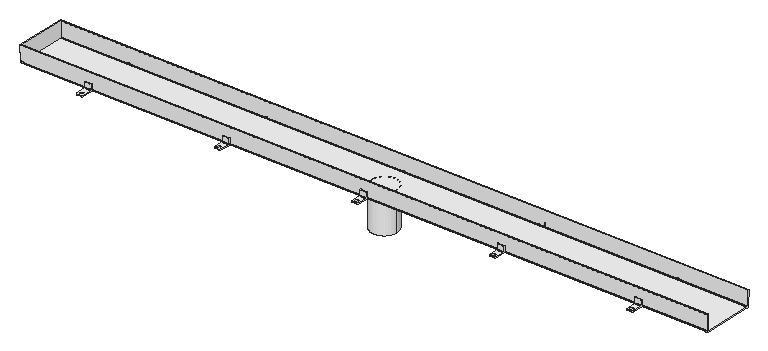
Revit family "P6480-THTD", category Plumbing Fixtures, host Face, Revit 2018
Family settings
  Host = Face
  Round Connector Dimension = Use Diameter
  Part Type = Normal
  Cut with Voids When Loaded = No
  Shared = No
  Room Calculation Point = No
Parameters (values of type "P6480-THTD-108")
  URL = "WWW.MIFAB.COM"
  Radius = 0' - 2"
  Number of Clamp = ((Length - 0' 0") / Clamp space)  # 5
  Model = "P6480-THTD-108"
  Material = Paint - Sherwin Williams Paint - #952C2A - Bellwood Red
  Manufacturer = "MIFAB"
  Length = 9' - 0"
  First position = (Length - ((Number of Clamp - 0.5) * Clamp space))  # 0' - 10 203/256"
  Diameter = 0' - 4"
  Description = "8\" WIDE, STAINLESS STEEL THRESHOLD DRAIN"
  Default Elevation = 4' - 0"
  Clamp space = 1' - 9 77/128"
Types (7): name | Number of Clamp | Model | Length | First position | Diameter | Clamp space
  (no name) | 5 | "P6480-THTD-108" | 9' - 0" | 0' - 10 203/256" | 0' - 4" | 1' - 9 77/128"
  P6480-THTD-36 | 4 | "P6480-THTD-36" | 3' - 0" | 0' - 4 1/2" | 0' - 3.8825" | 0' - 9"
  P6480-THTD-48 | 4 | "P6480-THTD-48" | 4' - 0" | 0' - 6" | 0' - 4" | 1' - 0"
  P6480-THTD-96 | 5 | "P6480-THTD-96" | 8' - 0" | 0' - 9.60352" | 0' - 4" | 1' - 7 51/256"
  P6480-THTD-108 | 5 | "P6480-THTD-108" | 9' - 0" | 0' - 10 203/256" | 0' - 4" | 1' - 9 77/128"
  P6480-THTD-60 | 4 | "P6480-THTD-60" | 5' - 0" | 0' - 7 1/2" | 0' - 3.8825" | 1' - 3"
  P6480-THTD-72 | 4 | "P6480-THTD-72" | 6' - 0" | 0' - 4.80273" | 0' - 3.8825" | 1' - 7 51/256"
Reference planes (in)
  plane 1 "Center (Front/Back)": y = 0
  plane 2: z = 0
  plane 3 "Center (Left/Right)": x = -28.55875
  plane 4: x = 79.44125
  plane 5: x = 25.44125
  plane 6: x = 79.36466
  plane 7: z = -8.5
  plane 8: x = -28.44141
  plane 9: z = -0.9375
  plane 10: z = -2.5
  plane 11: x = 79.44141
  plane 12: x = 79.38281
  plane 13: x = -28.38281
  plane 14: x = 23.44125
  plane 15: x = 27.44125
  plane 16: x = -17.76578
  plane 17: x = -4.5
  plane 18: y = 5.51765
  plane 19: y = -5.51765
Forms (in)
  Extrusion 1, solid, material "Paint - Sherwin Williams Paint - #952C2A - Bellwood Red" <- "Material"
    sketch origin (-28.55875, 0, 0) x (0, 1, 0) y (0, 0, 1)
      loop
        arc (3.8804, -2.2804) -> (3.85111, -2.35111) -> (3.7804, -2.3804) r 0.1
        line (3.7804, -2.3804) -> (-3.7804, -2.3804)
        arc (-3.7804, -2.3804) -> (-3.85111, -2.35111) -> (-3.8804, -2.2804) r 0.1
        line (-3.8804, -2.2804) -> (-3.8804, 0) -> (-4, 0) -> (-4, -2.2804)
        arc (-4, -2.2804) -> (-3.93568, -2.43568) -> (-3.7804, -2.5) r 0.2196
        line (-3.7804, -2.5) -> (3.7804, -2.5)
        arc (3.7804, -2.5) -> (3.93568, -2.43568) -> (4, -2.2804) r 0.2196
        line (4, -2.2804) -> (4, 0) -> (3.8804, 0) -> (3.8804, -2.2804)
    from 0.11734 to 108.00016
  Extrusion 2, void
    sketch origin (0, 0, 0) x (1, 0, 0) y (0, 1, 0)
      loop
        line (-28.55875, 4) -> (-28.55875, -4) -> (79.44125, -4) -> (79.44125, 4) -> (-28.55875, 4)
    from -8.5 to 0
  Extrusion 3, solid, material "Paint - Sherwin Williams Paint - #952C2A - Bellwood Red" <- "Material"
    sketch origin (19.5, 0, 0) x (0, 1, 0) y (0, 0, -1)
      loop
        arc (4, 2.2804) -> (3.93568, 2.43568) -> (3.7804, 2.5) r 0.2196
        line (3.7804, 2.5) -> (-3.7804, 2.5)
        arc (-3.7804, 2.5) -> (-3.93568, 2.43568) -> (-4, 2.2804) r 0.2196
        line (-4, 2.2804) -> (-4, 0) -> (4, 0) -> (4, 2.2804)
    from 48.05875 to 47.94141
  Revolve 4, solid, material "Paint - Sherwin Williams Paint - #952C2A - Bellwood Red" <- "Material"
    sketch origin (-4.5, 0, 0) x (1, 0, 0) y (0, 0, 1)
      loop
        line (28.12875, -8.5) -> (28.12875, -2.5) -> (27.94125, -2.5) -> (27.94125, -8.5) -> (28.12875, -8.5)
      axis (29.94125, -8.5) -> (29.94125, -2.5)
    angle from 0 to 360
  Extrusion 5, void
    sketch origin (0, 0, 0) x (1, 0, 0) y (0, 1, 0)
      loop
        circle (25.44125, 0) r 2
    from -2.5 to -2.4402
  Sweep 6, solid, material "Paint - Sherwin Williams Paint - #952C2A - Bellwood Red" <- "Material", not visible
    path origin (0, 0, 0) x (1, 0, 0) y (0, 1, 0)
      loop
        line (79.44141, 0) -> (-28.44141, 0)
    profile origin (25.5, 0, 0) x (0, -1, 0) y (0, 0, 1)
      loop
        arc (-3.5834, 0) -> (-3.74922, -0.06868) -> (-3.8179, -0.2345) r 0.2345
        line (-3.8179, -0.2345) -> (-3.8179, -2.1459)
        arc (-3.8179, -2.1459) -> (-3.74922, -2.31172) -> (-3.5834, -2.3804) r 0.2345
        line (-3.5834, -2.3804) -> (-2.8179, -2.3804) -> (-2.8179, -2.2459) -> (-3.5834, -2.2459)
        arc (-3.5834, -2.2459) -> (-3.65411, -2.21661) -> (-3.6834, -2.1459) r 0.1
        line (-3.6834, -2.1459) -> (-3.6834, -0.2345)
        arc (-3.6834, -0.2345) -> (-3.65411, -0.16379) -> (-3.5834, -0.1345) r 0.1
        line (-3.5834, -0.1345) -> (3.5834, -0.1345)
        arc (3.5834, -0.1345) -> (3.65411, -0.16379) -> (3.6834, -0.2345) r 0.1
        line (3.6834, -0.2345) -> (3.6834, -2.1459)
        arc (3.6834, -2.1459) -> (3.65411, -2.21661) -> (3.5834, -2.2459) r 0.1
        line (3.5834, -2.2459) -> (2.8179, -2.2459) -> (2.8179, -2.3804) -> (3.5834, -2.3804)
        arc (3.5834, -2.3804) -> (3.74922, -2.31172) -> (3.8179, -2.1459) r 0.2345
        line (3.8179, -2.1459) -> (3.8179, -0.2345)
        arc (3.8179, -0.2345) -> (3.74922, -0.06868) -> (3.5834, 0) r 0.2345
        line (3.5834, 0) -> (-3.5834, 0)
Cuts and joins
  Extrusion 5 cuts Extrusion 1
  joined: Extrusion 1, Extrusion 3, Revolve 4
Lines and regions (in)
  model lines, not visible
    curve 1: line (59.65335, -20.93764, 0) -> (59.65335, -8.19764, 0)
    curve 2: line (59.65335, -8.19764, 0) -> (68.65335, -8.19764, 0)
    curve 3: line (59.65335, -20.93764, 0) -> (68.65335, -20.93764, 0)
    curve 4: line (59.65335, -14.56764, 0) -> (62.65335, -14.56764, 0)
    curve 5: line (16.3877, -20.88914, 0) -> (16.3877, -19.13914, 0)
    curve 6: line (16.3877, -19.13914, 0) -> (18.5127, -19.13914, 0)
    curve 7: line (18.5127, -19.13914, 0) -> (18.5127, -20.88914, 0)
    curve 8: line (17.4502, -19.13914, 0) -> (17.4502, -19.63914, 0)
    curve 9: line (-28.5, 3.11725, 1.65743) -> (-28.5, 3.11725, 2.15743)
    curve 10: line (-28.5, 3.11725, 2.15743) -> (-28.5, -3.88275, 2.15743)
    curve 11: line (-28.5, -3.88275, 2.15743) -> (-28.5, -3.88275, 1.65743)
    curve 12: line (-28.5, -0.38275, 2.15743) -> (-28.5, -0.38275, 2.65743)
    curve 13: line (89.73548, 99.85913, 0) -> (89.73548, 99.04811, 0)
    curve 14: line (90.48499, 99.04811, 0) -> (89.73548, 99.04811, 0)
    curve 15: line (90.48499, 99.04811, 0) -> (90.48499, 99.79811, 0)
Dimensions and locks (in)
  "Length": plane 3 "Center (Left/Right)" to plane 4
  equal spacing: plane 3 "Center (Left/Right)", plane 5, plane 4
  locked: plane 4 to plane 6 at 0.07659
  locked: plane 3 "Center (Left/Right)" to plane 8 at 0.11734
  locked: plane 2 to plane 9 at 0.9375
  locked: level to plane 10 at 2.5
  locked: plane 4 to plane 11 at 0.00016
  locked: plane 12 to plane 11 at 0.05859
  locked: plane 13 to plane 8 at 0.05859
  equal spacing: plane 15, plane 5, plane 14
  "Diameter": plane 15 to plane 14
  plane 10 to plane 7 = 0' - 6"
  plane 2 to plane 7 = 0' - 8 1/2"
  locked: Revolve 4 sketch curve to Revolve 4 sketch curve at 0.1875
  "Radius": plane 5 to Revolve 4 sketch curve
  "Clamp space": plane 16 to nested 4
  equal spacing: group 5, group 6, group 7, group 8, group 9  (x3)
  "First position": plane 3 "Center (Left/Right)" to plane 16
  "Diameter": diameter of Extrusion 5 sketch curve
  aligned and locked: host face to plane 2
  aligned and locked: host face to level
  aligned and locked: Extrusion 2 sketch curve to plane 3 "Center (Left/Right)"
  aligned and locked: Extrusion 2 sketch curve to plane 4
  aligned and locked: Extrusion 2 to level
  aligned and locked: cut or joined group of Extrusion 1, Extrusion 3, Revolve 4, Extrusion 5 to plane 11
  aligned and locked: cut or joined group of Extrusion 1, Extrusion 3, Revolve 4, Extrusion 5 to Extrusion 5
  aligned and locked: Sweep 6 sketch curve to plane 1 "Center (Front/Back)"
  aligned and locked: Sweep 6 sketch curve to plane 2
  aligned and locked: plane 16 to nested 2
  aligned and locked: nested 1 to plane 16
  aligned and locked: nested 2 to cut or joined group of Extrusion 1, Extrusion 3, Revolve 4, Extrusion 5
  aligned and locked: plane 2 to Extrusion 1 sketch curve
  aligned and locked: Extrusion 3 to plane 3 "Center (Left/Right)"
  aligned and locked: plane 8 to Extrusion 3
  aligned and locked: Sweep 6 sketch curve to cut or joined group of Extrusion 1, Extrusion 3, Revolve 4, Extrusion 5
  aligned and locked: plane 11 to Sweep 6 sketch curve
  aligned and locked: Extrusion 1 to plane 8
  aligned and locked: plane 10 to nested 2
  aligned and locked: nested 1 to plane 10
  aligned and locked: Extrusion 2 to cut or joined group of Extrusion 1, Extrusion 3, Revolve 4, Extrusion 5
  aligned and locked: Extrusion 2 sketch curve to cut or joined group of Extrusion 1, Extrusion 3, Revolve 4, Extrusion 5  (x2)
Automatic sketch dimensions
  curve 1 to curve 2 = 1' - 0.74"
  curve 4 to curve 4 = 0' - 3"
  curve 4 to curve 3 = 0' - 6"
  curve 4 to curve 2 = 0' - 6"
  curve 1 to curve 4 = 0' - 6.37"
  curve 5 to curve 7 = 0' - 2 1/8"
  curve 8 to curve 6 = 0' - 1 1/16"
  curve 8 to curve 6 = 0' - 0 1/2"
  curve 5 to curve 8 = 0' - 1 1/4"
  curve 7 to curve 8 = 0' - 1 1/4"
  host sketch curve to host sketch curve = 10' - 9.16306"
  host sketch curve to host sketch curve = 5' - 0.25933"
  Sweep 6 sketch curve to Sweep 6 sketch curve = 0' - 0"  (x9)
  profile plane to Sweep 6 sketch curve = 0' - 3.8179"
  Sweep 6 sketch curve to Sweep 6 sketch curve = 0' - 0.7655"  (x2)
  Sweep 6 sketch curve to profile plane = 0' - 2.8179"
  Sweep 6 sketch curve to Sweep 6 sketch curve = 0' - 0.1"  (x3)
  Sweep 6 sketch curve to Sweep 6 sketch curve = 0' - 1.9114"
  Sweep 6 sketch curve to Sweep 6 sketch curve = 0' - 2.1459"
  Sweep 6 sketch curve to Sweep 6 sketch curve = 0' - 0.1345"
  plane 10 to Extrusion 1 sketch curve = 0' - 0.2196"
  Extrusion 1 sketch curve to plane 19 = 0' - 1.51765"
  Extrusion 1 sketch curve to Extrusion 1 sketch curve = 0' - 0.1196"
  Extrusion 1 sketch curve to Extrusion 1 sketch curve = 0' - 0"  (x4)
  Extrusion 1 sketch curve to plane 18 = 0' - 1.73725"
  Extrusion 1 sketch curve to Extrusion 1 sketch curve = 0' - 0.1"
  Extrusion 1 sketch curve to plane 10 = 0' - 0"
  Extrusion 1 sketch curve to level = 0' - 0"
  Extrusion 3 sketch curve to level = 0' - 0"
  Extrusion 3 sketch curve to plane 10 = 0' - 0"
  Extrusion 3 sketch curve to plane 19 = 0' - 1.51765"
  Extrusion 3 sketch curve to Extrusion 3 sketch curve = 0' - 0.2196"  (x2)
  Extrusion 3 sketch curve to plane 18 = 0' - 1.51765"
  Revolve 4 sketch curve to plane 5 = 0' - 0"
  Revolve 4 sketch curve to plane 7 = 0' - 0"
  Revolve 4 sketch curve to plane 10 = 0' - 0"
  Revolve 4 sketch curve to plane 7 = 0' - 0.59023"
  Revolve 4 sketch curve to Revolve 4 sketch curve = 0' - 0 3/4"
  plane 1 "Center (Front/Back)" to Extrusion 5 sketch curve = 0' - 0"
  Extrusion 5 sketch curve to plane 14 = 0' - 0"
Nested families (in)
  nested 1: "Connection" at (-17.76578, 4, -2.5) x (0, -1, 0) z (0, 0, 1), type "Connection"
  nested 2: "Connection" at (-17.76578, -4, -2.5) x (0, 1, 0) z (0, 0, 1), type "Connection"
  nested 3: "Connection" at (3.83578, 4, -2.5) x (0, -1, 0) z (0, 0, 1), type "Connection"
  nested 4: "Connection" at (3.83578, -4, -2.5) x (0, 1, 0) z (0, 0, 1), type "Connection"
  nested 5: "Connection" at (25.43734, 4, -2.5) x (0, -1, 0) z (0, 0, 1), type "Connection"
  nested 6: "Connection" at (25.43734, -4, -2.5) x (0, 1, 0) z (0, 0, 1), type "Connection"
  nested 7: "Connection" at (47.03891, 4, -2.5) x (0, -1, 0) z (0, 0, 1), type "Connection"
  nested 8: "Connection" at (47.03891, -4, -2.5) x (0, 1, 0) z (0, 0, 1), type "Connection"
  nested 9: "Connection" at (68.64047, 4, -2.5) x (0, -1, 0) z (0, 0, 1), type "Connection"
  nested 10: "Connection" at (68.64047, -4, -2.5) x (0, 1, 0) z (0, 0, 1), type "Connection"
Connectors (in)
  piping at (25.44125, 0, -8.5), diameter 4, driven by "Diameter"
    settings: on Revolve 4, index 1, connector inside diameter 609.6 mm, connector length 0' - 0", flow factor 0, pipe flow 0.0 L/s, pressure drop 0.0 Pa, fitting loss kfactor 0, connector angle 0.00°, fixture units 0, engagement length 0' - 0", angle of deflection 0.00°, flow configuration 0, flow direction 0, fitting loss method 0, system type 7, joint type 0, gender type 0, connector reference index -1, connector utility 0, adjustable connector no, is connector primary yes, connector description ""
Definition of nested family "Connection"
  Parameters (values of type "Connection")
    Material = none
  Reference planes (in)
    plane 1 "Center (Front/Back)": y = 0
    plane 2: z = 0
    plane 3 "Center (Left/Right)": x = 0
  Forms (in)
    Extrusion 1, solid, material <- "Material"
      sketch origin (0, 0.375, 0) x (1, 0, 0) y (0, 0, 1)
        loop
          arc (0, 0.93631) -> (-0.01831, 0.98051) -> (-0.0625, 0.99881) r 0.0625
          line (-0.0625, 0.99881) -> (-0.11952, 0.99881) -> (-0.11952, 0.21946)
          arc (-0.11952, 0.21946) -> (-0.14879, 0.14879) -> (-0.21946, 0.11952) r 0.09993
          line (-0.21946, 0.11952) -> (-1.82745, 0.11952) -> (-1.82745, 0) -> (-0.23806, 0)
          arc (-0.23806, 0) -> (-0.06973, 0.06973) -> (0, 0.23806) r 0.23806
          line (0, 0.23806) -> (0, 0.93631)
      from -0.12467 to 0.87467
    Extrusion 2, void
      sketch origin (0, 0, 0) x (1, 0, 0) y (0, 1, 0)
        loop
          line (-1.82745, 0.49992) -> (-1.82745, 0.37475)
          arc (-1.82745, 0.37475) -> (-1.79086, 0.46308) -> (-1.70253, 0.49992) r 0.12492
          line (-1.70253, 0.49992) -> (-1.82745, 0.49992)
        loop
          line (-1.82745, -0.49967) -> (-1.70253, -0.49967)
          arc (-1.70253, -0.49967) -> (-1.79086, -0.46308) -> (-1.82745, -0.37475) r 0.12492
          line (-1.82745, -0.37475) -> (-1.82745, -0.49967)
        loop
          circle (-1.45269, 0) r 0.24984
      from 0 to 0.17187
  Cuts and joins
    Extrusion 2 cuts Extrusion 1
  Lines and regions (in)
    model lines, not visible
      curve 1: line (-2.74275, 1.57536, 0) -> (-2.74275, 2.51224, 0)
      curve 2: arc (-2.74275, 2.51224, 0) -> (-2.70616, 2.60057, 0) -> (-2.61783, 2.63716, 0) r 0.12492
      curve 3: line (-2.61783, 2.63716, 0) -> (-1.86833, 2.63716, 0)
      curve 4: arc (-1.86833, 2.63716, 0) -> (-1.78, 2.60057, 0) -> (-1.74341, 2.51224, 0) r 0.12492
      curve 5: line (-1.74341, 2.51224, 0) -> (-1.74341, 1.57536, 0)
      curve 6: arc (-2.24308, 2.01257, 0) -> (-1.99324, 2.2624, 0) -> (-2.24308, 2.51224, 0) r 0.24984
      curve 7: arc (-2.24308, 2.51224, 0) -> (-2.49292, 2.2624, 0) -> (-2.24308, 2.01257, 0) r 0.24984
      curve 8: line (-0.21946, 0, 0.11952) -> (-1.81131, 0, 0.11952)
      curve 9: line (-1.81131, 0, 0) -> (-0.21946, 0, 0)
      curve 10: line (-0.11952, 0, 0.9974) -> (-0.11952, 0, 0.21946)
      curve 11: line (0, 0, 0.89941) -> (0, 0, 0.21946)
      curve 12: arc (0, 0, 0.89941) -> (-0.03657, 0, 0.97669) -> (-0.11952, 0, 0.9974) r 0.09993
      curve 13: arc (-0.21946, 0, 0) -> (-0.06428, 0, 0.06428) -> (0, 0, 0.21946) r 0.21946
      curve 14: arc (-0.21946, 0, 0.11952) -> (-0.14879, 0, 0.14879) -> (-0.11952, 0, 0.21946) r 0.09993
      curve 15: line (-1.81131, 0, 0.11952) -> (-1.81131, 0, 0)
  Dimensions and locks (in)
    aligned and locked: level to plane 2
